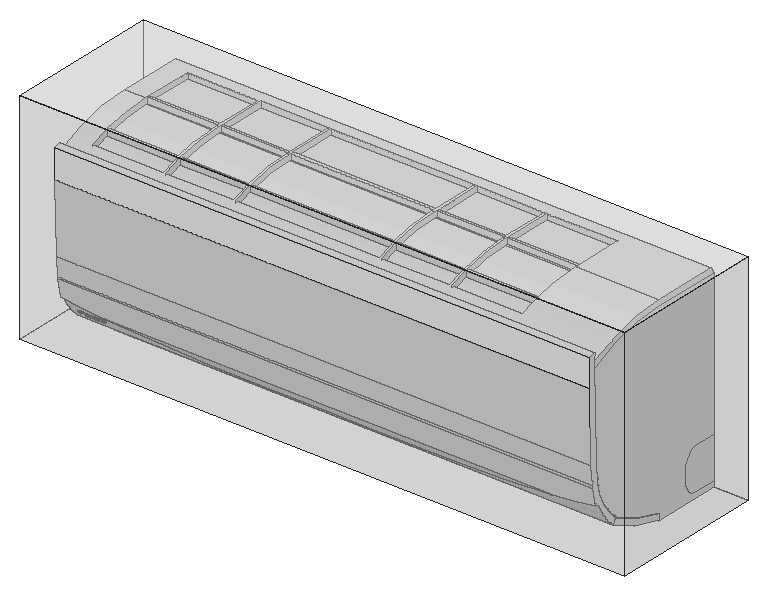
Revit family "outputfile", category 機械設備, Revit 2024
Family settings
  丸型コネクタ寸法 = 半径を使用
  パーツ タイプ = 標準
  OmniClass 番号 = 23.75.10.24.21.27.27
  OmniClass タイトル = Split System Air Conditioning Units
  作業面ベース = いいえ
  常に垂直 = はい
  ロード時にボイドで切り取り = いいえ
  注釈の向きを維持 = いいえ
  共有 = いいえ
  部屋計算ポイント = いいえ
Parameters (values of type "FTKM25QVMA")
  Description = ""
  書き出し IFC クラス(タイプ) = "IfcUnitaryEquipmentType"
  定義済み IFC タイプ(タイプ) = "AIRCONDITIONINGUNIT"
  Cost = 0
  Type Comments = ""
  Keynote = ""
  Type Image = (empty or 0)
  Assembly Code = ""
  w_wall hole = if(Width = 770.0 mm, 48.0 mm, 60.0 mm)  # 48.0 mm
  製造元 = "Daikin"
  モデル = "FTKM25QVMA"
  switch_frequency = yes
  r_Liquid Pipe Size = Liquid Pipe Size / 2  # 3.2 mm
  r_Gas Pipe Size = Gas Pipe Size / 2  # 4.75 mm
  r_Drain Pipe Size = Drain Pipe Size / 2  # 8.0 mm
  lw_powersupply [instance] = if(Width = 770.0 mm, if(or(Rear Right Connection_refrigerant, Bottom Right Connection_refrigerant), 25.0 mm, if(or(Rear Left Connection_refrigerant, Bottom Left Connection_refrigerant), 745.0 mm, 400.0 mm)), if(Width = 990.0 mm, if(or(Rear Right Connection_refrigerant, Bottom Right Connection_refrigerant), 40.0 mm, if(or(Rear Left Connection_refrigerant, Bottom Left Connection_refrigerant), 920.0 mm, 400.0 mm)), if(or(Rear Right Connection_refrigerant, Bottom Right Connection_refrigerant), 40.0 mm, if(or(Rear Left Connection_refrigerant, Bottom Left Connection_refrigerant), 920.0 mm, 400.0 mm))))  # 400.0 mm
  lw_liquidpipe [instance] = if(Width = 770.0 mm, if(or(Rear Right Connection_refrigerant, Bottom Right Connection_refrigerant), 0.0 mm, if(or(Rear Left Connection_refrigerant, Bottom Left Connection_refrigerant), 664.0 mm, 385.0 mm)), if(Width = 900.0 mm, if(or(Rear Right Connection_refrigerant, Bottom Right Connection_refrigerant), 0.0 mm, if(or(Rear Left Connection_refrigerant, Bottom Left Connection_refrigerant), 664.0 mm + (990.0 mm - 770.0 mm), 475.0 mm)), if(or(Rear Right Connection_refrigerant, Bottom Right Connection_refrigerant), 0.0 mm, if(or(Rear Left Connection_refrigerant, Bottom Left Connection_refrigerant), 664.0 mm + (990.0 mm - 770.0 mm), 475.0 mm))))  # 385.0 mm
  lw_gaspipe [instance] = if(Width = 770.0 mm, if(or(Rear Right Connection_refrigerant, Bottom Right Connection_refrigerant), 0.0 mm, if(or(Rear Left Connection_refrigerant, Bottom Left Connection_refrigerant), 675.0 mm, if(Gas Pipe Size = 12.7 mm, 345.0 mm, 335.0 mm))), if(Width = 990.0 mm, if(or(Rear Right Connection_refrigerant, Bottom Right Connection_refrigerant), 10.0 mm, if(or(Rear Left Connection_refrigerant, Bottom Left Connection_refrigerant), 890.0 mm, if(Gas Pipe Size = 15.9 mm, 410.0 mm, 400.0 mm))), if(or(Rear Right Connection_refrigerant, Bottom Right Connection_refrigerant), 10.0 mm, if(or(Rear Left Connection_refrigerant, Bottom Left Connection_refrigerant), 890.0 mm, if(Gas Pipe Size = 15.9 mm, 410.0 mm, 400.0 mm)))))  # 335.0 mm
  lw_drainpipe [instance] = if(Width = 770.0 mm, if(or(Rear Right Connection_refrigerant, Bottom Right Connection_refrigerant), 0.0 mm, if(or(Rear Left Connection_refrigerant, Bottom Left Connection_refrigerant), 770.0 mm - 48.0 mm - 48.0 mm, 440.0 mm)), if(Width = 990.0 mm, if(or(Rear Right Connection_refrigerant, Bottom Right Connection_refrigerant), 0.0 mm, if(or(Rear Left Connection_refrigerant, Bottom Left Connection_refrigerant), 675.0 mm + (990.0 mm - 770.0 mm), 435.0 mm)), if(or(Rear Right Connection_refrigerant, Bottom Right Connection_refrigerant), 0.0 mm, if(or(Rear Left Connection_refrigerant, Bottom Left Connection_refrigerant), 675.0 mm + (990.0 mm - 770.0 mm), 435.0 mm))))  # 440.0 mm
  l_powersupply_length [instance] = if(Width = 770.0 mm, if(Right Connection_refrigerant, 400.0 mm, if(Left Connection_refrigerant, 770.0 mm - 400.0 mm, if(or(Rear Left Connection_refrigerant, Rear Right Connection_refrigerant), 15.0 mm, 50.0 mm))), if(Width = 990.0 mm, if(Right Connection_refrigerant, 400.0 mm, if(Left Connection_refrigerant, 990.0 mm - 400.0 mm, if(or(Rear Left Connection_refrigerant, Rear Right Connection_refrigerant), 15.0 mm, 50.0 mm))), if(Right Connection_refrigerant, 400.0 mm, if(Left Connection_refrigerant, 990.0 mm - 400.0 mm, if(or(Rear Left Connection_refrigerant, Rear Right Connection_refrigerant), 15.0 mm, 50.0 mm)))))  # 400.0 mm
  l_liquidpipe_length [instance] = if(Width = 770.0 mm, if(Right Connection_refrigerant, 433.0 mm, if(Left Connection_refrigerant, 337.0 mm, if(or(Rear Left Connection_refrigerant, Rear Right Connection_refrigerant), 30.0 mm, 40.0 mm))), if(Width = 990.0 mm, if(Right Connection_refrigerant, 535.0 mm, if(Left Connection_refrigerant, 455.0 mm, if(or(Rear Left Connection_refrigerant, Rear Right Connection_refrigerant), 30.0 mm, 40.0 mm))), if(Right Connection_refrigerant, 535.0 mm, if(Left Connection_refrigerant, 455.0 mm, if(or(Rear Left Connection_refrigerant, Rear Right Connection_refrigerant), 30.0 mm, 40.0 mm)))))  # 433.0 mm
  l_gaspipe_length [instance] = if(Width = 770.0 mm, if(Right Connection_refrigerant, if(Gas Pipe Size = 12.7 mm, 393.0 mm, 383.0 mm), if(Left Connection_refrigerant, if(Gas Pipe Size = 12.7 mm, 770.0 mm - 393.0 mm, 770.0 mm - 383.0 mm), if(or(Rear Left Connection_refrigerant, Rear Right Connection_refrigerant), 40.0 mm, 50.0 mm))), if(Width = 990.0 mm, if(Right Connection_refrigerant, if(Gas Pipe Size = 15.9 mm, 470.0 mm, 460.0 mm), if(Left Connection_refrigerant, if(Gas Pipe Size = 15.9 mm, 990.0 mm - 470.0 mm, 990.0 mm - 460.0 mm), if(or(Rear Left Connection_refrigerant, Rear Right Connection_refrigerant), 40.0 mm, 50.0 mm))), if(Right Connection_refrigerant, if(Gas Pipe Size = 15.9 mm, 470.0 mm, 460.0 mm), if(Left Connection_refrigerant, if(Gas Pipe Size = 15.9 mm, 990.0 mm - 470.0 mm, 990.0 mm - 460.0 mm), if(or(Rear Left Connection_refrigerant, Rear Right Connection_refrigerant), 40.0 mm, 50.0 mm)))))  # 383.0 mm
  l_drainpipe_length [instance] = if(Width = 770.0 mm, if(Right Connection_refrigerant, 488.0 mm, if(Left Connection_refrigerant, 282.0 mm, if(or(Rear Left Connection_refrigerant, Rear Right Connection_refrigerant), 15.0 mm, 20.0 mm))), if(Width = 990.0 mm, if(Right Connection_refrigerant, 495.0 mm, if(Left Connection_refrigerant, 495.0 mm, if(or(Rear Left Connection_refrigerant, Rear Right Connection_refrigerant), 15.0 mm, 20.0 mm))), if(Right Connection_refrigerant, 495.0 mm, if(Left Connection_refrigerant, 495.0 mm, if(or(Rear Left Connection_refrigerant, Rear Right Connection_refrigerant), 15.0 mm, 20.0 mm)))))  # 488.0 mm
  h*** = 0.0 mm  # constant formula
  connector_voltage = Voltage_50Hz  # 230 V
  connector_powerinput = [Power Input (Cooling)]  # 0.000 kW
  connector_phase = Phase_50Hz  # 1
  angle_vertical [instance] = if(or(Bottom Left Connection_refrigerant, Bottom Right Connection_refrigerant), 0.00°, 90.00°)  # 90.00°
  angle_horizontal [instance] = if(Right Connection_refrigerant, 90.00°, if(Left Connection_refrigerant, -90.00°, if(or(Rear Left Connection_refrigerant, Rear Right Connection_refrigerant), 180.00°, 0.00°)))  # 90.00°
  Width = 770.0 mm
  Voltage_comment_50Hz = "220 - 240"
  Voltage_50Hz = 230 V
  Version = "ver.1.0"
  Unit Type = "Wall Mounted"
  Unit Mass Weight = 9.00 kg
  Unit Designation [instance] = ""
  Uniclass2015Version = "Products v1.30"
  Uniclass2015Title = "Split coil room air conditioning units"
  Uniclass2015Code = "Pr_70_65_03_86"
  URL = ""
  Total Cooling Capacity [instance] = 0.000 kW
  Sound Pressure Level_M speed (dBA) = 32
  Sound Pressure Level_L speed (dBA) = 25
  Sound Pressure Level_H speed (dBA) = 40
  Sound Power Level_H speed (dB) = 0
  Series = "Single Split_Fan Coil Unit"
  Sensible Cooling Capacity [instance] = 0.000 kW
  Refrigerant Type = "R32"
  Power Input (Cooling) = 0.000 kW
  Phase_50Hz = 1
  Option Accessory 3 [instance] = ""
  Option Accessory 2 [instance] = ""
  Option Accessory 1 [instance] = ""
  Nominal Cooling Capacity = 2.500 kW
  Minimum Circuit Amps_50Hz = 0.0 A
  Minimum Airflow = 300.00 m³/h
  Median Airflow = 426.00 m³/h
  Maximum Fuse Amps_50Hz = 0.0 A
  Maximum Airflow = 600.00 m³/h
  Material_Casing = DAIKIN_PureWhite_Casing_indoorunit
  Load Classification = HVAC
  Liquid Pipe Size = 6.4 mm
  Link_Nested Family [instance] = ""
  IfcVersion = ""
  IfcExportType = "AIRCONDITIONINGUNIT"
  IfcExportAs = "IfcUnitaryEquipmentType"
  Height = 285.0 mm
  Heat Exchanger Type = "Cross Fin Coil"
  Gas Pipe Size = 9.5 mm
  Frequency_50Hz = 50 Hz
  Fan Type = "Cross Flow Fan"
  Fan Drive = "Direct Drive"
  FCU Tag No. [instance] = ""
  Drain Pipe Size = 16.0 mm
  Design Supply Airflow [instance] = 0.00 m³/h
  Depth = 223.0 mm
  既定の高さ = 0.0 mm
  Cooling Entering Wet Bulb Temperature [instance] = 0.00 °C
  Cooling Entering Dry Bulb Temperature [instance] = 0.00 °C
  Cooling Ambient Wet Bulb Temperature [instance] = 0.00 °C
  Cooling Ambient Dry Bulb Temperature [instance] = 0.00 °C
  Clearance visibility [instance] = yes
  Clearance Top = 30.0 mm
  Clearance Right = 50.0 mm
  Clearance Rear = 0.0 mm
  Clearance Left = 50.0 mm
  Clearance Front = 0.0 mm
  Clearance Bottom = 0.0 mm
  Bottom Right Connection_refrigerant [instance] = no
  Bottom Left Connection_refrigerant [instance] = no
  Rear Right Connection_refrigerant [instance] = no
  Rear Left Connection_refrigerant [instance] = no
  Right Connection_refrigerant [instance] = yes
  Left Connection_refrigerant [instance] = no
Reference planes
  plane 1 "Back": y = 0
  plane 2: z = 0
  plane 3 "Center (Left/Right)": x = 0
  plane 4 "Center (Front/Back)": y = -111.5
  plane 5 "Front": y = -223
  plane 6 "Left": x = -385
  plane 7 "Right": x = 385
  plane 8 "Top": z = 0
  plane 9 "Bottom": z = -285
  plane 10: x = -435
  plane 11: x = 435
  plane 12: y = 0
  plane 13: y = -223
  plane 14: z = 30
  plane 15: z = -285
  plane 16 "lw_Piping and Wiring intake": x = 337
  plane 17 "lw_gaspipe": x = 2
  plane 18 "lw_liquidpipe": x = -48
  plane 19 "lw_drainpipe": x = -103
  plane 20 "lh_drainpipe": z = -265
  plane 21 "lh_liquidpipe": z = -245
  plane 22 "lh_gaspipe": z = -235
  plane 23 "ld_drainpipe": y = -15
  plane 24 "ld_liquidpipe": y = -30
  plane 25 "ld_gaspipe": y = -40
  plane 26 "lw_powersupply": x = -15
Dimensions and locks
  equal spacing: plane 6 "Left", plane 3 "Center (Left/Right)", plane 7 "Right"
  "Width": plane 6 "Left" to plane 7 "Right"
  equal spacing: plane 5 "Front", plane 4 "Center (Front/Back)", plane 1 "Back"
  "Depth": plane 5 "Front" to plane 1 "Back"
  "Height": plane 8 "Top" to plane 9 "Bottom"
  "Clearance Rear": plane 12 to plane 1 "Back"
  "Clearance Front": plane 13 to plane 5 "Front"
  "Clearance Top": plane 14 to plane 8 "Top"
  "Clearance Bottom": plane 9 "Bottom" to plane 15
  "w_wall hole": plane 16 "lw_Piping and Wiring intake" to plane 7 "Right"
  "lw_gaspipe": plane 17 "lw_gaspipe" to plane 16 "lw_Piping and Wiring intake"
  "lw_liquidpipe": plane 18 "lw_liquidpipe" to plane 16 "lw_Piping and Wiring intake"
  "lw_drainpipe": plane 19 "lw_drainpipe" to plane 16 "lw_Piping and Wiring intake"
  locked: plane 20 "lh_drainpipe" to plane 9 "Bottom" at 20
  locked: plane 21 "lh_liquidpipe" to plane 9 "Bottom" at 40
  locked: plane 22 "lh_gaspipe" to plane 9 "Bottom" at 50
  locked: plane 23 "ld_drainpipe" to plane 1 "Back" at 15
  locked: plane 1 "Back" to plane 24 "ld_liquidpipe" at 30
  locked: plane 1 "Back" to plane 25 "ld_gaspipe" at 40
  "lw_powersupply": plane 26 "lw_powersupply" to plane 7 "Right"
  "Clearance Right": plane 7 "Right" to plane 11
  "Clearance Left": plane 10 to plane 6 "Left"
  aligned and locked: level to plane 2
  aligned and locked: plane 12 to nested 1
  aligned and locked: nested 1 to plane 13
  aligned and locked: plane 10 to nested 1
  aligned and locked: plane 11 to nested 1
  aligned and locked: plane 15 to nested 1
  aligned and locked: plane 14 to nested 1
  aligned and locked: plane 17 "lw_gaspipe" to nested 2
  aligned and locked: nested 2 to plane 25 "ld_gaspipe"
  aligned and locked: plane 18 "lw_liquidpipe" to nested 3
  aligned and locked: nested 3 to plane 24 "ld_liquidpipe"
  aligned and locked: plane 19 "lw_drainpipe" to nested 4
  aligned and locked: nested 4 to plane 23 "ld_drainpipe"
  aligned and locked: nested 5 to plane 23 "ld_drainpipe"
  aligned and locked: plane 26 "lw_powersupply" to nested 5
  aligned and locked: level to plane 8 "Top"
  aligned and locked: plane 3 "Center (Left/Right)" to nested 6
  aligned and locked: plane 1 "Back" to nested 6
  aligned and locked: plane 8 "Top" to nested 6
Nested families
  nested 1: "daikin_clearancespace" at (0, -111.5, -127.381), show <- "Clearance visibility", visible <- "Clearance visibility", Link_Nested Family <- "Link_Nested Family", type "daikin_clearancespace"
    with width 870.0 mm, show yes, height 315.0 mm, depth 223.0 mm, Link_Nested Family ""
  nested 2: "daikin_connector_rotate3" at (2, -40, -235), angle_vertical <- "angle_vertical", angle_horizontal <- "angle_horizontal", length <- "l_gaspipe_length", radius <- "r_Gas Pipe Size", type "daikin_connector_rotate3"
    with show no, radius 4.75 mm, length 383.0 mm, angle_vertical 90.00°, angle_horizontal 90.00°
  nested 3: "daikin_connector_rotate3" at (-48, -30, -245), angle_vertical <- "angle_vertical", angle_horizontal <- "angle_horizontal", radius <- "r_Liquid Pipe Size", length <- "l_liquidpipe_length", type "daikin_connector_rotate3"
    with show no, radius 3.2 mm, length 433.0 mm, angle_vertical 90.00°, angle_horizontal 90.00°
  nested 4: "daikin_connector_rotate3" at (-103, -15, -265), angle_vertical <- "angle_vertical", angle_horizontal <- "angle_horizontal", length <- "l_drainpipe_length", radius <- "r_Drain Pipe Size", type "daikin_connector_rotate3"
    with show no, radius 8.0 mm, length 488.0 mm, angle_vertical 90.00°, angle_horizontal 90.00°
  nested 5: "daikin_connector_rotate3" at (-15, -15, -235), angle_vertical <- "angle_vertical", angle_horizontal <- "angle_horizontal", length <- "l_powersupply_length", type "daikin_connector_rotate3"
    with show no, radius 10.0 mm, length 400.0 mm, angle_vertical 90.00°, angle_horizontal 90.00°
  nested 6: "DAIKIN_indoorunit_FTKM-QVMA" at (-31, 0, 0), type "FTKM-QVMA"
Connectors
  piping at (385, -40, -235), diameter 9.5, driven by "r_Gas Pipe Size"
    settings: on nested 2, index 1, connector inside diameter 609.6 mm, connector length 0.0 mm, flow factor 0, pipe flow 0.00 m³/h, pressure drop 0.0 Pa, fitting loss kfactor 0, connector angle 0.00°, fixture units 0, engagement length 0.0 mm, angle of deflection 0.00°, flow configuration 1, flow direction 2, fitting loss method 0, system type 29, joint type 0, gender type 0, connector reference index -1, connector utility 0, adjustable connector no, is connector primary yes, connector description "Refrigerant Gas Piping"
  piping at (385, -30, -245), diameter 6.4, driven by "r_Liquid Pipe Size"
    settings: on nested 3, index 2, connector inside diameter 609.6 mm, connector length 0.0 mm, flow factor 0, pipe flow 0.00 m³/h, pressure drop 0.0 Pa, fitting loss kfactor 0, connector angle 0.00°, fixture units 0, engagement length 0.0 mm, angle of deflection 0.00°, flow configuration 1, flow direction 1, fitting loss method 0, system type 29, joint type 0, gender type 0, connector reference index -1, connector utility 0, adjustable connector no, is connector primary no, connector description "Refrigerant Liquid Piping"
  piping at (385, -15, -265), diameter 16, driven by "r_Drain Pipe Size"
    settings: on nested 4, index 3, connector inside diameter 609.6 mm, connector length 0.0 mm, flow factor 0, pipe flow 0.00 m³/h, pressure drop 0.0 Pa, fitting loss kfactor 0, connector angle 0.00°, fixture units 0, engagement length 0.0 mm, angle of deflection 0.00°, flow configuration 1, flow direction 2, fitting loss method 4, system type 16, joint type 0, gender type 0, connector reference index -1, connector utility 0, adjustable connector no, is connector primary no, connector description "Condensate Drain Piping"
  electrical at (385, -15, -235), driven by "Load Classification", driven by "connector_powerinput", driven by "connector_voltage", driven by "connector_phase"
    settings: on nested 5, index 4, voltage 230 V, apparent load 0 VA, apparent load phase1 0 VA, apparent load phase2 0 VA, apparent load phase3 0 VA, power factor 1, load classification "HVAC", number of poles 1, system type 30, power factor state 1, is connector primary yes, connector utility no, sub classification motor no, connector description "Power Supply"
Definition of nested family "daikin_clearancespace"
  Parameters (values of type "daikin_clearancespace")
    Description = "daikin_clearancespace"
    width [instance] = 1823.963 mm
    show [instance] = yes
    material = none
    height [instance] = 1359.762 mm
    depth [instance] = 880.0 mm
    Default Elevation = 0.0 mm
    Link_Nested Family [instance] = ""
  Reference planes
    plane 1 "Center (Front/Back)": y = 0
    plane 2 "Center (Elevation)": z = -0.119
    plane 3 "Center (Left/Right)": x = 0
    plane 4: y = 440
    plane 5: y = -440
    plane 6 "Right": x = 911.982
    plane 7 "Left": x = -911.982
    plane 8 "Top": z = 679.762
    plane 9 "Bottom": z = -680
  Forms (mm)
    Extrusion 1, solid, material <- "material", visible <- "show"
      sketch origin (0, 0, 0) x (1, 0, 0) y (0, 1, 0)
        loop
          line (-911.982, 440) -> (-911.982, -440) -> (911.982, -440) -> (911.982, 440) -> (-911.982, 440)
      from -680 to 679.762
  Lines and regions (mm)
    symbolic lines, visible <- "show"
      curve 1: line (911.982, 440, 0) -> (-911.982, 440, 0)
      curve 2: line (-911.982, 440, 0) -> (-911.982, -440, 0)
      curve 3: line (-911.982, -440, 0) -> (911.982, -440, 0)
      curve 4: line (911.982, -440, 0) -> (911.982, 440, 0)
      curve 5: line (911.982, 0, 679.762) -> (-911.982, 0, 679.762)
      curve 6: line (911.982, 0, -680) -> (911.982, 0, 679.762)
      curve 7: line (-911.982, 0, -680) -> (911.982, 0, -680)
      curve 8: line (-911.982, 0, 679.762) -> (-911.982, 0, -680)
      curve 9: line (0, 440, 679.762) -> (0, -440, 679.762)
      curve 10: line (0, -440, 679.762) -> (0, -440, -680)
      curve 11: line (0, 440, -680) -> (0, 440, 679.762)
      curve 12: line (0, -440, -680) -> (0, 440, -680)
  Dimensions and locks
    "width": plane 7 "Left" to plane 6 "Right"
    "depth": plane 4 to plane 5
    "height": plane 8 "Top" to plane 9 "Bottom"
    equal spacing: plane 7 "Left", plane 3 "Center (Left/Right)", plane 6 "Right"
    equal spacing: plane 4, plane 1 "Center (Front/Back)", plane 5
    equal spacing: plane 8 "Top", plane 2 "Center (Elevation)", plane 9 "Bottom"
    aligned and locked: level to plane 2 "Center (Elevation)"
    aligned and locked: Extrusion 1 sketch curve to plane 4
    aligned and locked: plane 7 "Left" to Extrusion 1 sketch curve
    aligned and locked: Extrusion 1 sketch curve to plane 5
    aligned and locked: Extrusion 1 sketch curve to plane 6 "Right"
    aligned and locked: plane 8 "Top" to Extrusion 1
    aligned and locked: curve 1 to Extrusion 1
    aligned and locked: curve 2 to Extrusion 1
    aligned and locked: curve 3 to Extrusion 1
    aligned and locked: curve 4 to Extrusion 1
    aligned and locked: curve 5 to Extrusion 1
    aligned and locked: curve 6 to Extrusion 1
    aligned and locked: curve 7 to Extrusion 1
    aligned and locked: curve 8 to Extrusion 1
    aligned and locked: curve 9 to Extrusion 1
    aligned and locked: curve 10 to Extrusion 1
    aligned and locked: curve 11 to Extrusion 1
    aligned and locked: curve 12 to Extrusion 1
    aligned and locked: Extrusion 1 to plane 9 "Bottom"
Definition of nested family "DAIKIN_indoorunit_FTKM-QVMA"
  Parameters (values of type "FTKM-QVMA")
    switch_unit1_50-71 = Width = 990.0 mm  # no
    switch_unit1_20-46 = Width = 770.0 mm  # yes
    Width = 770.0 mm
    WALL HOLE-R = if(Width = 770.0 mm, 48.0 mm, 60.0 mm)  # 48.0 mm
    WALL HOLE Size = if(Width = 770.0 mm, 65.0 mm, 80.0 mm)  # 65.0 mm
    Material_Casing = none
    Height = if(Width = 770.0 mm, 285.0 mm, 295.0 mm)  # 285.0 mm
    Default Elevation = 0.0 mm
  Reference planes
    plane 1 "Center (Front/Back)": y = 0
    plane 2 "reference_level": z = 0
    plane 3 "Center (Left/Right)": x = 31
    plane 4: x = -354
    plane 5: x = 416
    plane 6: z = -285
  Forms (mm)
    Extrusion 1, solid, material <- "Material_Casing", visible <- "switch_unit1_20-46"
      sketch origin (29, 0, 0) x (0, 1, 0) y (0, 0, 1)
        loop
          line (-5, 0) -> (-98, 0)
          arc (-98, 0) -> (-157.611, -7.211) -> (-213.783, -28.427) r 250
          arc (-213.783, -28.427) -> (-213.842, -32.972) -> (-213.892, -37.516) r 2191
          arc (-213.892, -37.516) -> (-157.832, -15.495) -> (-98.07, -8) r 242
          line (-98.07, -8) -> (0, -8) -> (-5, 0)
      from -383 to 387
    Extrusion 2, solid, material <- "Material_Casing", visible <- "switch_unit1_20-46"
      sketch origin (416, 1296.25, 1200) x (0, 1, 0) y (0, 0, 1)
        loop
          line (-1472.998, -1446.91) -> (-1476.998, -1453.839)
          arc (-1476.998, -1453.839) -> (-1437.481, -1472.422) -> (-1395.25, -1483.538) r 240
          line (-1395.25, -1483.538) -> (-1395.25, -1475.422)
          arc (-1395.25, -1475.422) -> (-1435.407, -1464.663) -> (-1472.998, -1446.91) r 232
      from 0 to -47.5
    Extrusion 3, solid, material <- "Material_Casing", visible <- "switch_unit1_20-46"
      sketch origin (29, 0, 0) x (0, 1, 0) y (0, 0, 1)
        loop
          arc (-223, -60.455) -> (-222.414, -110.646) -> (-220.656, -160.81) r 2149.92
          arc (-220.656, -160.81) -> (-219.65, -174.299) -> (-217.853, -187.706) r 229.911
          arc (-217.853, -187.706) -> (-205.371, -223.594) -> (-181.517, -253.17) r 111
          line (-181.517, -253.17) -> (-177.429, -246.093)
          arc (-177.429, -246.093) -> (-198.77, -218.989) -> (-209.965, -186.36) r 103
          arc (-209.965, -186.36) -> (-211.681, -173.586) -> (-212.651, -160.735) r 221.844
          arc (-212.651, -160.735) -> (-214.739, -93.233) -> (-214.74, -25.699) r 2186.828
          arc (-214.74, -25.699) -> (-214.671, -21.467) -> (-214.594, -17.235) r 2192
          line (-214.594, -17.235) -> (-223, -19.961) -> (-223, -60.455)
      from -383 to 387
    Extrusion 4, solid, material <- "Material_Casing", visible <- "switch_unit1_20-46"
      sketch origin (29, 0, 0) x (0, 1, 0) y (0, 0, 1)
        loop
          line (-181.517, -253.17) -> (-179.597, -249.846)
          arc (-179.597, -249.846) -> (-202.009, -221.399) -> (-213.189, -186.952) r 103
          line (-213.189, -186.952) -> (-217.853, -187.706)
          arc (-217.853, -187.706) -> (-217.533, -189.556) -> (-217.182, -191.4) r 111
          arc (-217.182, -191.4) -> (-213.806, -208.181) -> (-210.362, -224.948) r 4257.809
          arc (-210.362, -224.948) -> (-198.886, -237.857) -> (-186.225, -249.607) r 180
          line (-186.225, -249.607) -> (-181.517, -253.17)
      from -383 to 387
    Extrusion 5, solid, material <- "Material_Casing", visible <- "switch_unit1_20-46"
      sketch origin (29, 0, -20) x (0, 1, 0) y (0, 0, 1)
        loop
          line (0, -265) -> (0, 12) -> (-98.07, 12)
          arc (-98.07, 12) -> (-157.832, 4.505) -> (-213.892, -17.516) r 242
          arc (-213.892, -17.516) -> (-213.638, -79.114) -> (-211.653, -140.681) r 2191
          arc (-211.653, -140.681) -> (-210.685, -153.501) -> (-208.973, -166.243) r 221
          arc (-208.973, -166.243) -> (-197.471, -199.282) -> (-175.482, -226.491) r 102
          arc (-175.482, -226.491) -> (-138.004, -244.019) -> (-98, -254.579) r 231
          line (-98, -254.579) -> (-98, -265) -> (0, -265)
      from -383 to 387
    Extrusion 6, solid, material <- "Material_Casing", visible <- "switch_unit1_20-46"
      sketch origin (-354, 1296.25, 1200) x (0, 1, 0) y (0, 0, 1)
        loop
          line (-1472.998, -1446.91) -> (-1476.998, -1453.839)
          arc (-1476.998, -1453.839) -> (-1437.481, -1472.422) -> (-1395.25, -1483.538) r 240
          line (-1395.25, -1483.538) -> (-1395.25, -1475.422)
          arc (-1395.25, -1475.422) -> (-1435.407, -1464.663) -> (-1472.998, -1446.91) r 232
      from 47 to 0
    Extrusion 7, solid, material <- "Material_Casing", visible <- "switch_unit1_20-46"
      sketch origin (416, 1296.25, 1200) x (0, 1, 0) y (0, 0, 1)
        loop
          line (-1472.998, -1446.91) -> (-1476.998, -1453.839)
          arc (-1476.998, -1453.839) -> (-1443.437, -1470.168) -> (-1407.75, -1481.097) r 240
          line (-1407.75, -1481.097) -> (-1407.75, -1472.894)
          arc (-1407.75, -1472.894) -> (-1441.363, -1462.385) -> (-1472.998, -1446.91) r 232
      from -116.993 to -48.493
    Extrusion 8, solid, material <- "Material_Casing", visible <- "switch_unit1_20-46"
      sketch origin (416, 1296.25, 1200) x (0, 1, 0) y (0, 0, 1)
        loop
          line (-1472.998, -1446.91) -> (-1476.998, -1453.839)
          arc (-1476.998, -1453.839) -> (-1443.437, -1470.168) -> (-1407.75, -1481.097) r 240
          line (-1407.75, -1481.097) -> (-1407.75, -1472.894)
          arc (-1407.75, -1472.894) -> (-1441.363, -1462.385) -> (-1472.998, -1446.91) r 232
      from -717 to -121.993
    Extrusion 9, void
      sketch origin (31, 0, -235) x (1, 0, 0) y (0, 1, 0)
        loop
          line (-252.674, -22.316) -> (-354.941, -22.316) -> (-354.941, -91.341) -> (-252.674, -91.341) -> (-252.674, -22.316)
        loop
          line (-249.341, -91.341) -> (-151.574, -91.341) -> (-151.574, -22.316) -> (-249.341, -22.316) -> (-249.341, -91.341)
        loop
          line (58.309, -22.316) -> (-148.309, -22.316) -> (-148.309, -91.341) -> (58.309, -91.341) -> (58.309, -22.316)
        loop
          line (61.689, -22.316) -> (61.689, -91.341) -> (159.457, -91.341) -> (159.457, -22.316) -> (61.689, -22.316)
        loop
          line (162.789, -22.316) -> (162.789, -91.341) -> (265.057, -91.341) -> (265.057, -22.316) -> (162.789, -22.316)
        loop
          line (-354.941, -94.659) -> (-354.941, -165.259) -> (-252.674, -165.259) -> (-252.674, -94.659) -> (-354.941, -94.659)
        loop
          line (-249.341, -94.659) -> (-249.341, -165.259) -> (-151.574, -165.259) -> (-151.574, -94.659) -> (-249.341, -94.659)
        loop
          line (-148.309, -94.659) -> (-148.309, -165.259) -> (58.309, -165.259) -> (58.309, -94.659) -> (-148.309, -94.659)
        loop
          line (61.689, -94.659) -> (61.689, -165.259) -> (159.457, -165.259) -> (159.457, -94.659) -> (61.689, -94.659)
        loop
          line (162.789, -94.659) -> (162.789, -165.259) -> (265.057, -165.259) -> (265.057, -94.659) -> (162.789, -94.659)
        loop
          line (-354.941, -167.382) -> (-354.941, -192.681) -> (-252.674, -192.681) -> (-252.674, -167.382) -> (-354.941, -167.382)
        loop
          line (-249.341, -167.382) -> (-249.341, -192.681) -> (-151.574, -192.681) -> (-151.574, -167.382) -> (-249.341, -167.382)
        loop
          line (-148.309, -167.382) -> (-148.309, -192.681) -> (58.309, -192.681) -> (58.309, -167.382) -> (-148.309, -167.382)
        loop
          line (159.457, -167.382) -> (61.689, -167.382) -> (61.689, -192.681) -> (159.457, -192.681) -> (159.457, -167.382)
        loop
          line (265.057, -167.382) -> (162.789, -167.382) -> (162.789, -192.681) -> (265.057, -192.681) -> (265.057, -167.382)
      from 201.638 to 250
    Extrusion 10, void
      sketch origin (31, 0, 0) x (1, 0, 0) y (0, 0, 1)
        loop
          arc (597, -174.907) -> (0.056, -245.263) -> (-597, -175.856) r 2585.042
          line (-597, -175.856) -> (-597, -352.872) -> (597, -352.872) -> (597, -174.907)
      from 173 to 315.3
    Extrusion 11, solid, material <- "Material_Casing"
      sketch origin (31, 0, 0) x (1, 0, 0) y (0, 0, 1)
        loop
          circle (337, -240.5) r 32.5
        loop
          circle (-337, -240.5) r 32.5
      from 0 to 5
    Extrusion 12, solid, material <- "Material_Casing", visible <- "switch_unit1_20-46"
      sketch origin (416, 1296.25, 1200) x (0, -1, 0) y (0, 0, 1)
        loop
          line (1326.25, -1417) -> (1296.25, -1417) -> (1296.25, -1477) -> (1326.25, -1477)
          arc (1326.25, -1477) -> (1340.393, -1471.142) -> (1346.25, -1457) r 20
          line (1346.25, -1457) -> (1346.25, -1437)
          arc (1346.25, -1437) -> (1340.393, -1422.858) -> (1326.25, -1417) r 20
      from 0 to 5
    Extrusion 13, solid, material <- "Material_Casing", visible <- "switch_unit1_20-46"
      sketch origin (-354, 1296.25, 1200) x (0, 1, 0) y (0, 0, 1)
        loop
          line (-1296.25, -1417) -> (-1326.25, -1417)
          arc (-1326.25, -1417) -> (-1340.393, -1422.858) -> (-1346.25, -1437) r 20
          line (-1346.25, -1437) -> (-1346.25, -1457)
          arc (-1346.25, -1457) -> (-1340.393, -1471.142) -> (-1326.25, -1477) r 20
          line (-1326.25, -1477) -> (-1296.25, -1477) -> (-1296.25, -1417)
      from 0 to 5
    Extrusion 14, solid, material <- "Material_Casing", visible <- "switch_unit1_20-46"
      sketch origin (31, 0, -285) x (-1, 0, 0) y (0, -1, 0)
        loop
          line (-314, 0) -> (-314, 30)
          arc (-314, 30) -> (-319.858, 44.142) -> (-334, 50) r 20
          line (-334, 50) -> (-354, 50)
          arc (-354, 50) -> (-368.142, 44.142) -> (-374, 30) r 20
          line (-374, 30) -> (-374, 0) -> (-314, 0)
        loop
          line (374, 0) -> (374, 30)
          arc (374, 30) -> (368.142, 44.142) -> (354, 50) r 20
          line (354, 50) -> (334, 50)
          arc (334, 50) -> (319.858, 44.142) -> (314, 30) r 20
          line (314, 30) -> (314, 0) -> (374, 0)
      from 0 to 5
    Extrusion 15, solid, material <- "Material_Casing", visible <- "switch_unit1_50-71"
      sketch origin (31, 0, 0) x (0, 1, 0) y (0, 0, 1)
        loop
          line (-5, 0) -> (-138, 0)
          arc (-138, 0) -> (-197.611, -7.211) -> (-253.783, -28.427) r 250
          arc (-253.783, -28.427) -> (-253.838, -32.687) -> (-253.886, -36.946) r 2191
          arc (-253.886, -36.946) -> (-197.73, -15.346) -> (-138.014, -8) r 246.393
          line (-138.014, -8) -> (0, -8) -> (-5, 0)
      from -495 to 495
    Extrusion 16, solid, material <- "Material_Casing", visible <- "switch_unit1_50-71"
      sketch origin (418, 1296.25, 1200) x (0, 1, 0) y (0, 0, 1)
        loop
          arc (-1515.208, -1454.149) -> (-1506.856, -1460.599) -> (-1497.925, -1466.219) r 110
          arc (-1497.925, -1466.219) -> (-1445.718, -1487.493) -> (-1389.844, -1494.995) r 223
          line (-1389.844, -1494.995) -> (-1389.844, -1486.086) -> (-1404.386, -1486.086)
          arc (-1404.386, -1486.086) -> (-1449.542, -1477.46) -> (-1491.818, -1459.402) r 214.289
          arc (-1491.818, -1459.402) -> (-1501.056, -1453.541) -> (-1509.606, -1446.715) r 101
          line (-1509.606, -1446.715) -> (-1515.208, -1454.149)
      from 108 to 57.5
    Extrusion 17, solid, material <- "Material_Casing", visible <- "switch_unit1_50-71"
      sketch origin (31, 0, 0) x (0, 1, 0) y (0, 0, 1)
        loop
          line (-263, -19.962) -> (-263, -61.6)
          arc (-263, -61.6) -> (-262.414, -110.219) -> (-260.656, -158.81) r 2017.341
          arc (-260.656, -158.81) -> (-255.648, -191.935) -> (-244.041, -223.362) r 164.725
          arc (-244.041, -223.362) -> (-233.569, -239.793) -> (-219.717, -253.495) r 87.379
          line (-219.717, -253.495) -> (-214.706, -246.846)
          arc (-214.706, -246.846) -> (-229.564, -230.029) -> (-240.385, -210.371) r 102
          arc (-240.385, -210.371) -> (-249.049, -182.962) -> (-252.848, -154.467) r 165.789
          arc (-252.848, -154.467) -> (-254.771, -90.102) -> (-254.74, -25.708) r 2122.533
          arc (-254.74, -25.708) -> (-254.671, -21.469) -> (-254.594, -17.23) r 2192
          line (-254.594, -17.23) -> (-263, -19.962)
      from -495 to 495
    Extrusion 18, void
      sketch origin (33, 0, 0) x (1, 0, 0) y (0, 1, 0)
        loop
          line (-466.909, -22.316) -> (-466.909, -111.341) -> (-366.303, -111.341) -> (-366.303, -22.316) -> (-466.909, -22.316)
        loop
          line (-362.71, -22.316) -> (-362.71, -111.341) -> (-262.103, -111.341) -> (-262.103, -22.316) -> (-362.71, -22.316)
        loop
          line (-258.51, -22.316) -> (-258.51, -111.341) -> (-157.904, -111.341) -> (-157.904, -22.316) -> (-258.51, -22.316)
        loop
          line (-154.31, -22.316) -> (-154.31, -111.341) -> (-53.704, -111.341) -> (-53.704, -22.316) -> (-154.31, -22.316)
        loop
          line (-50.11, -22.316) -> (-50.11, -111.341) -> (50.496, -111.341) -> (50.496, -22.316) -> (-50.11, -22.316)
        loop
          line (54.089, -22.316) -> (54.089, -111.341) -> (154.696, -111.341) -> (154.696, -22.316) -> (54.089, -22.316)
        loop
          line (158.289, -22.316) -> (158.289, -111.341) -> (258.895, -111.341) -> (258.895, -22.316) -> (158.289, -22.316)
        loop
          line (262.489, -22.316) -> (262.489, -111.341) -> (363.095, -111.341) -> (363.095, -22.316) -> (262.489, -22.316)
        loop
          line (-466.909, -114.459) -> (-466.909, -185.059) -> (-366.303, -185.059) -> (-366.303, -114.459) -> (-466.909, -114.459)
        loop
          line (-362.71, -114.459) -> (-362.71, -185.059) -> (-262.103, -185.059) -> (-262.103, -114.459) -> (-362.71, -114.459)
        loop
          line (-258.51, -114.459) -> (-258.51, -185.059) -> (-157.904, -185.059) -> (-157.904, -114.459) -> (-258.51, -114.459)
        loop
          line (-154.31, -114.459) -> (-154.31, -185.059) -> (-53.704, -185.059) -> (-53.704, -114.459) -> (-154.31, -114.459)
        loop
          line (-50.11, -114.459) -> (-50.11, -185.059) -> (50.496, -185.059) -> (50.496, -114.459) -> (-50.11, -114.459)
        loop
          line (54.089, -114.459) -> (54.089, -185.059) -> (154.696, -185.059) -> (154.696, -114.459) -> (54.089, -114.459)
        loop
          line (158.289, -114.459) -> (158.289, -185.059) -> (258.895, -185.059) -> (258.895, -114.459) -> (158.289, -114.459)
        loop
          line (262.489, -114.459) -> (262.489, -185.059) -> (363.095, -185.059) -> (363.095, -114.459) -> (262.489, -114.459)
        loop
          line (-466.909, -187.382) -> (-466.909, -232.681) -> (-366.303, -232.681) -> (-366.303, -187.382) -> (-466.909, -187.382)
        loop
          line (-362.71, -187.382) -> (-362.71, -232.681) -> (-262.103, -232.681) -> (-262.103, -187.382) -> (-362.71, -187.382)
        loop
          line (-258.51, -187.382) -> (-258.51, -232.681) -> (-157.904, -232.681) -> (-157.904, -187.382) -> (-258.51, -187.382)
        loop
          line (-154.31, -187.382) -> (-154.31, -232.681) -> (-53.704, -232.681) -> (-53.704, -187.382) -> (-154.31, -187.382)
        loop
          line (-50.11, -187.382) -> (-50.11, -232.681) -> (50.496, -232.681) -> (50.496, -187.382) -> (-50.11, -187.382)
        loop
          line (54.089, -187.382) -> (54.089, -232.681) -> (154.696, -232.681) -> (154.696, -187.382) -> (54.089, -187.382)
        loop
          line (158.289, -187.382) -> (158.289, -232.681) -> (258.895, -232.681) -> (258.895, -187.382) -> (158.289, -187.382)
        loop
          line (262.489, -187.382) -> (262.489, -232.681) -> (363.095, -232.681) -> (363.095, -187.382) -> (262.489, -187.382)
      from -40.013 to 47.268
    Extrusion 19, void
      sketch origin (33, 0, 2300) x (1, 0, 0) y (0, 0, 1)
        loop
          line (705, -2672.872) -> (705, -2462.4)
          arc (705, -2462.4) -> (-2.043, -2534.819) -> (-709, -2461.567) r 3467.757
          line (-709, -2461.567) -> (-709, -2672.872) -> (705, -2672.872)
      from 173 to 315.3
    Extrusion 20, solid, material <- "Material_Casing", visible <- "switch_unit1_50-71"
      sketch origin (-356, 1296.25, 1200) x (0, 1, 0) y (0, 0, -1)
        loop
          line (-1515.208, 1454.149) -> (-1509.606, 1446.715)
          arc (-1509.606, 1446.715) -> (-1501.056, 1453.541) -> (-1491.818, 1459.402) r 101
          arc (-1491.818, 1459.402) -> (-1449.542, 1477.46) -> (-1404.386, 1486.086) r 214.289
          line (-1404.386, 1486.086) -> (-1389.844, 1486.086) -> (-1389.844, 1494.995)
          arc (-1389.844, 1494.995) -> (-1445.718, 1487.493) -> (-1497.925, 1466.219) r 223
          arc (-1497.925, 1466.219) -> (-1506.856, 1460.599) -> (-1515.208, 1454.149) r 110
      from 108 to 61
    Extrusion 21, solid, material <- "Material_Casing", visible <- "switch_unit1_50-71"
      sketch origin (418, 1296.25, 1200) x (0, 1, 0) y (0, 0, 1)
        loop
          arc (-1515.208, -1454.149) -> (-1506.856, -1460.599) -> (-1497.925, -1466.219) r 110
          arc (-1497.925, -1466.219) -> (-1463.185, -1482.066) -> (-1426.25, -1491.755) r 223
          line (-1426.25, -1491.755) -> (-1426.25, -1483.166)
          arc (-1426.25, -1483.166) -> (-1460.008, -1473.969) -> (-1491.818, -1459.402) r 214.289
          arc (-1491.818, -1459.402) -> (-1501.056, -1453.541) -> (-1509.606, -1446.715) r 101
          line (-1509.606, -1446.715) -> (-1515.208, -1454.149)
      from 56.5 to -36.993
    Extrusion 22, solid, material <- "Material_Casing", visible <- "switch_unit1_50-71"
      sketch origin (418, 1296.25, 1200) x (0, 1, 0) y (0, 0, 1)
        loop
          arc (-1426.25, -1483.166) -> (-1443.442, -1479.224) -> (-1460.25, -1473.881) r 214.289
          line (-1460.25, -1473.881) -> (-1460.25, -1483.089)
          arc (-1460.25, -1483.089) -> (-1443.421, -1488.091) -> (-1426.25, -1491.755) r 223
          line (-1426.25, -1491.755) -> (-1426.25, -1483.166)
      from -43.493 to -828.893
    Extrusion 23, solid, material <- "Material_Casing", visible <- "switch_unit1_50-71"
      sketch origin (418, 1296.25, 1200) x (0, 1, 0) y (0, 0, 1)
        loop
          arc (-1515.208, -1454.149) -> (-1506.856, -1460.599) -> (-1497.925, -1466.219) r 110
          arc (-1497.925, -1466.219) -> (-1479.479, -1475.527) -> (-1460.25, -1483.089) r 223
          line (-1460.25, -1483.089) -> (-1460.25, -1473.881)
          arc (-1460.25, -1473.881) -> (-1476.328, -1467.282) -> (-1491.818, -1459.402) r 214.289
          arc (-1491.818, -1459.402) -> (-1501.056, -1453.541) -> (-1509.606, -1446.715) r 101
          line (-1509.606, -1446.715) -> (-1515.208, -1454.149)
      from -43.493 to -828.893
    Extrusion 24, solid, material <- "Material_Casing", visible <- "switch_unit1_50-71"
      sketch origin (31, 0, 0) x (0, 1, 0) y (0, 0, 1)
        loop
          arc (-217.78, -250.924) -> (-234.088, -233.307) -> (-245.826, -212.366) r 102
          arc (-245.826, -212.366) -> (-251.608, -196.062) -> (-255.659, -179.245) r 165.789
          line (-255.659, -179.245) -> (-258.299, -179.737)
          arc (-258.299, -179.737) -> (-257.524, -183.799) -> (-256.646, -187.84) r 164.725
          arc (-256.646, -187.84) -> (-252.868, -206.25) -> (-249.973, -224.82) r 393.089
          arc (-249.973, -224.82) -> (-239.237, -236.969) -> (-227.451, -248.102) r 180
          arc (-227.451, -248.102) -> (-223.723, -250.998) -> (-219.717, -253.495) r 45.878
          line (-219.717, -253.495) -> (-217.78, -250.924)
      from -495 to 495
    Extrusion 25, solid, material <- "Material_Casing", visible <- "switch_unit1_50-71"
      sketch origin (31, 0, -30) x (0, 1, 0) y (0, 0, 1)
        loop
          line (0, 22) -> (-138.014, 22)
          arc (-138.014, 22) -> (-197.73, 14.654) -> (-253.886, -6.946) r 246.393
          arc (-253.886, -6.946) -> (-253.682, -65.635) -> (-251.855, -124.295) r 2120.935
          arc (-251.855, -124.295) -> (-248.086, -152.682) -> (-239.461, -179.988) r 164.789
          arc (-239.461, -179.988) -> (-228.903, -199.231) -> (-214.437, -215.738) r 101
          line (-214.437, -215.738) -> (-212.406, -216.221)
          arc (-212.406, -216.221) -> (-204.07, -222.837) -> (-195.079, -228.53) r 100
          arc (-195.079, -228.53) -> (-145.557, -248.629) -> (-92.593, -255.785) r 213.289
          line (-92.593, -255.785) -> (-92.593, -265) -> (0, -265) -> (0, 22)
      from -495 to 495
    Extrusion 26, solid, material <- "Material_Casing", visible <- "switch_unit1_50-71"
      sketch origin (526, 1296.25, 1200) x (0, -1, 0) y (0, 0, 1)
        loop
          line (1326.25, -1427.035) -> (1296.25, -1427.035) -> (1296.25, -1487.035) -> (1326.25, -1487.035)
          arc (1326.25, -1487.035) -> (1340.393, -1481.177) -> (1346.25, -1467.035) r 20
          line (1346.25, -1467.035) -> (1346.25, -1447.035)
          arc (1346.25, -1447.035) -> (1340.393, -1432.892) -> (1326.25, -1427.035) r 20
      from 0 to 5
    Extrusion 27, solid, material <- "Material_Casing", visible <- "switch_unit1_50-71"
      sketch origin (-459, 1296.25, 1200) x (0, -1, 0) y (0, 0, 1)
        loop
          line (1326.25, -1427.035) -> (1296.25, -1427.035) -> (1296.25, -1487.035) -> (1326.25, -1487.035)
          arc (1326.25, -1487.035) -> (1340.393, -1481.177) -> (1346.25, -1467.035) r 20
          line (1346.25, -1467.035) -> (1346.25, -1447.035)
          arc (1346.25, -1447.035) -> (1340.393, -1432.892) -> (1326.25, -1427.035) r 20
      from 0 to 5
    Extrusion 28, solid, material <- "Material_Casing", visible <- "switch_unit1_50-71"
      sketch origin (31, 200, -295) x (-1, 0, 0) y (0, -1, 0)
        loop
          line (469, 200) -> (469, 230)
          arc (469, 230) -> (463.142, 244.142) -> (449, 250) r 20
          line (449, 250) -> (429, 250)
          arc (429, 250) -> (414.858, 244.142) -> (409, 230) r 20
          line (409, 230) -> (409, 200) -> (469, 200)
        loop
          line (-469, 200) -> (-409, 200) -> (-409, 230)
          arc (-409, 230) -> (-414.858, 244.142) -> (-429, 250) r 20
          line (-429, 250) -> (-449, 250)
          arc (-449, 250) -> (-463.142, 244.142) -> (-469, 230) r 20
          line (-469, 230) -> (-469, 200)
      from 0 to 5
  Cuts and joins
    Extrusion 9 cuts Extrusion 1
    Extrusion 10 cuts Extrusion 4
    joined: Extrusion 3, Extrusion 4
    Extrusion 18 cuts Extrusion 15
    Extrusion 19 cuts Extrusion 24
    joined: Extrusion 17, Extrusion 24
  Lines and regions (mm)
    reference lines
      curve 1: line (-523, -201.911, -229.404) -> (-523, -193.542, -239.977)
      curve 2: line (-523, -240.779, -229.404) -> (-523, -232.411, -239.977)
  Dimensions and locks
    locked: Extrusion 10 sketch curve to Extrusion 10 sketch curve at 1194
    Extrusion 10 sketch curve to Extrusion 10 sketch curve = 1194.0 mm
    locked: Extrusion 12 sketch curve to Extrusion 12 sketch curve at 60
    locked: Extrusion 12 sketch curve to Extrusion 12 sketch curve at 50
    locked: Extrusion 14 sketch curve to Extrusion 14 sketch curve at 60  (x2)
    locked: Extrusion 14 sketch curve to Extrusion 14 sketch curve at 50
    equal spacing: plane 5, plane 3 "Center (Left/Right)", plane 4
    "Width": plane 5 to plane 4
    locked: Extrusion 11 sketch curve to plane 4 at 48
    "WALL HOLE-R": plane 5 to Extrusion 11 sketch curve
    "Height": plane 2 "reference_level" to plane 6
    locked: Extrusion 11 sketch curve to plane 6 at 44.5  (x2)
    locked: cut or joined group of Extrusion 3, Extrusion 4, Extrusion 10 to nested 1 at 15
    locked: Extrusion 17 to nested 2 at 15
    locked: Extrusion 26 sketch curve to Extrusion 26 sketch curve at 60
    locked: Extrusion 26 sketch curve to Extrusion 26 sketch curve at 50
    locked: Extrusion 27 sketch curve to Extrusion 27 sketch curve at 60
    locked: Extrusion 27 sketch curve to Extrusion 27 sketch curve at 50
    locked: Extrusion 28 sketch curve to Extrusion 28 sketch curve at 60  (x2)
    locked: Extrusion 28 sketch curve to Extrusion 28 sketch curve at 50  (x2)
    "WALL HOLE Size": diameter of Extrusion 11 sketch curve  (x2)
    aligned and locked: level to plane 2 "reference_level"
    aligned and locked: nested 1 to curve 1
    aligned and locked: Extrusion 13 sketch curve to Extrusion 12  (x4)
    aligned and locked: Extrusion 14 sketch curve to Extrusion 14 sketch curve  (x2)
    aligned and locked: Extrusion 11 to plane 1 "Center (Front/Back)"
    aligned and locked: nested 2 to curve 2
  Automatic sketch dimensions
    Extrusion 10 sketch curve to plane 3 "Center (Left/Right)" = 597.0 mm
    Extrusion 10 sketch curve to plane 3 "Center (Left/Right)" = 2.0 mm
    Extrusion 10 sketch curve to level = 352.872 mm
    Extrusion 10 sketch curve to level = 175.856 mm
    Extrusion 10 sketch curve to level = 174.907 mm
    curve 1 to level = 239.977 mm
    plane 1 "Center (Front/Back)" to curve 1 = 193.542 mm
    curve 2 to curve 1 = 0.0 mm
    curve 2 to curve 2 = 10.573 mm
    curve 1 to curve 1 = 10.573 mm
    curve 1 to curve 1 = 8.368 mm
    curve 1 to curve 2 = 30.5 mm
    curve 2 to curve 2 = 8.368 mm
    Extrusion 19 sketch curve to plane 3 "Center (Left/Right)" = 707.0 mm
    plane 3 "Center (Left/Right)" to Extrusion 19 sketch curve = 2.0 mm
    plane 3 "Center (Left/Right)" to Extrusion 19 sketch curve = 707.0 mm
    Extrusion 19 sketch curve to level = 372.872 mm
    Extrusion 19 sketch curve to level = 162.4 mm
    Extrusion 19 sketch curve to level = 161.567 mm
    Extrusion 1 sketch curve to level = 0.0 mm
    Extrusion 1 sketch curve to plane 1 "Center (Front/Back)" = 0.0 mm
    plane 1 "Center (Front/Back)" to Extrusion 1 sketch curve = 5.0 mm
    plane 1 "Center (Front/Back)" to Extrusion 1 sketch curve = 98.0 mm
    Extrusion 1 sketch curve to Extrusion 1 sketch curve = 0.07 mm
    Extrusion 1 sketch curve to level = 59.292 mm
    Extrusion 1 sketch curve to plane 1 "Center (Front/Back)" = 1977.0 mm
    Extrusion 1 sketch curve to level = 250.0 mm
    Extrusion 1 sketch curve to Extrusion 1 sketch curve = 0.0 mm
    Extrusion 1 sketch curve to level = 8.0 mm
    Extrusion 1 sketch curve to level = 28.427 mm
    plane 1 "Center (Front/Back)" to Extrusion 2 sketch curve = 180.748 mm
    Extrusion 2 sketch curve to Extrusion 2 sketch curve = 4.0 mm
    Extrusion 2 sketch curve to Extrusion 2 sketch curve = 77.747 mm
    plane 1 "Center (Front/Back)" to Extrusion 2 sketch curve = 59.279 mm
    Extrusion 2 sketch curve to Extrusion 2 sketch curve = 0.0 mm
    Extrusion 2 sketch curve to level = 283.538 mm
    Extrusion 2 sketch curve to Extrusion 2 sketch curve = 8.116 mm
    Extrusion 2 sketch curve to Extrusion 2 sketch curve = 21.583 mm
    Extrusion 2 sketch curve to Extrusion 2 sketch curve = 6.929 mm
    Extrusion 3 sketch curve to level = 19.961 mm
    plane 1 "Center (Front/Back)" to Extrusion 3 sketch curve = 223.0 mm
    Extrusion 3 sketch curve to level = 17.235 mm
    Extrusion 3 sketch curve to Extrusion 3 sketch curve = 8.406 mm
    plane 1 "Center (Front/Back)" to Extrusion 3 sketch curve = 181.517 mm
    Extrusion 3 sketch curve to Extrusion 3 sketch curve = 4.087 mm
    Extrusion 3 sketch curve to Extrusion 3 sketch curve = 69.11 mm
    Extrusion 3 sketch curve to Extrusion 3 sketch curve = 0.001 mm
    Extrusion 3 sketch curve to plane 1 "Center (Front/Back)" = 8.955 mm
    Extrusion 3 sketch curve to Extrusion 3 sketch curve = 0.067 mm
    Extrusion 3 sketch curve to level = 60.455 mm
    Extrusion 3 sketch curve to Extrusion 3 sketch curve = 1917.898 mm
    Extrusion 3 sketch curve to Extrusion 3 sketch curve = 44.907 mm
    Extrusion 3 sketch curve to Extrusion 3 sketch curve = 5.172 mm
    Extrusion 3 sketch curve to level = 150.456 mm
    Extrusion 3 sketch curve to Extrusion 3 sketch curve = 0.006 mm
    Extrusion 3 sketch curve to Extrusion 3 sketch curve = 19.265 mm
    Extrusion 3 sketch curve to Extrusion 3 sketch curve = 0.004 mm
    Extrusion 3 sketch curve to Extrusion 3 sketch curve = 76.368 mm
    Extrusion 3 sketch curve to Extrusion 3 sketch curve = 7.077 mm
    Extrusion 3 sketch curve to Extrusion 3 sketch curve = 1.002 mm
    Extrusion 3 sketch curve to Extrusion 3 sketch curve = 0.046 mm
    Extrusion 3 sketch curve to Extrusion 3 sketch curve = 8.005 mm
    Extrusion 3 sketch curve to Extrusion 3 sketch curve = 0.147 mm
    Extrusion 3 sketch curve to Extrusion 3 sketch curve = 0.0 mm
    plane 1 "Center (Front/Back)" to Extrusion 4 sketch curve = 217.853 mm
    Extrusion 4 sketch curve to Extrusion 4 sketch curve = 4.664 mm
    Extrusion 4 sketch curve to Extrusion 4 sketch curve = 26.964 mm
    Extrusion 4 sketch curve to Extrusion 4 sketch curve = 4.708 mm
    Extrusion 4 sketch curve to Extrusion 4 sketch curve = 1.92 mm
    Extrusion 4 sketch curve to Extrusion 4 sketch curve = 68.441 mm
    Extrusion 4 sketch curve to Extrusion 4 sketch curve = 2.837 mm
    Extrusion 4 sketch curve to Extrusion 4 sketch curve = 38.066 mm
    level to Extrusion 4 sketch curve = 640.031 mm
    Extrusion 4 sketch curve to plane 1 "Center (Front/Back)" = 3958.661 mm
    Extrusion 4 sketch curve to level = 111.946 mm
    Extrusion 4 sketch curve to Extrusion 4 sketch curve = 57.779 mm
    Extrusion 4 sketch curve to Extrusion 4 sketch curve = 3.149 mm
    Extrusion 4 sketch curve to Extrusion 4 sketch curve = 14.078 mm
    Extrusion 4 sketch curve to Extrusion 4 sketch curve = 0.754 mm
    Extrusion 4 sketch curve to Extrusion 4 sketch curve = 0.239 mm
    Extrusion 4 sketch curve to Extrusion 4 sketch curve = 3.324 mm
    Extrusion 4 sketch curve to Extrusion 4 sketch curve = 0.0 mm
    Extrusion 5 sketch curve to plane 1 "Center (Front/Back)" = 0.0 mm
    plane 1 "Center (Front/Back)" to Extrusion 5 sketch curve = 59.278 mm
    Extrusion 5 sketch curve to Extrusion 5 sketch curve = 98.0 mm
    Extrusion 5 sketch curve to Extrusion 5 sketch curve = 0.0 mm  (x3)
    Extrusion 5 sketch curve to level = 8.0 mm
    Extrusion 5 sketch curve to Extrusion 5 sketch curve = 38.791 mm
    Extrusion 5 sketch curve to Extrusion 5 sketch curve = 10.249 mm
    Extrusion 5 sketch curve to plane 1 "Center (Front/Back)" = 9.11 mm
    Extrusion 5 sketch curve to level = 59.292 mm
    Extrusion 5 sketch curve to Extrusion 5 sketch curve = 1967.89 mm
    Extrusion 5 sketch curve to Extrusion 5 sketch curve = 142.454 mm
    Extrusion 5 sketch curve to Extrusion 5 sketch curve = 19.271 mm
    Extrusion 5 sketch curve to Extrusion 5 sketch curve = 80.275 mm
    Extrusion 5 sketch curve to Extrusion 5 sketch curve = 24.579 mm
    Extrusion 5 sketch curve to Extrusion 5 sketch curve = 10.421 mm
    Extrusion 5 sketch curve to level = 46.847 mm
    Extrusion 5 sketch curve to Extrusion 5 sketch curve = 77.412 mm
    Extrusion 5 sketch curve to Extrusion 5 sketch curve = 33.49 mm
    Extrusion 5 sketch curve to Extrusion 5 sketch curve = 2.68 mm
    plane 1 "Center (Front/Back)" to Extrusion 6 sketch curve = 180.748 mm
    Extrusion 6 sketch curve to Extrusion 6 sketch curve = 4.0 mm
    Extrusion 6 sketch curve to Extrusion 6 sketch curve = 77.747 mm
    plane 1 "Center (Front/Back)" to Extrusion 6 sketch curve = 59.279 mm
    Extrusion 6 sketch curve to Extrusion 6 sketch curve = 0.0 mm
    Extrusion 6 sketch curve to level = 283.538 mm
    Extrusion 6 sketch curve to Extrusion 6 sketch curve = 8.116 mm
    Extrusion 6 sketch curve to Extrusion 6 sketch curve = 21.583 mm
    Extrusion 6 sketch curve to Extrusion 6 sketch curve = 6.929 mm
    plane 1 "Center (Front/Back)" to Extrusion 7 sketch curve = 180.748 mm
    Extrusion 7 sketch curve to Extrusion 7 sketch curve = 4.0 mm
    Extrusion 7 sketch curve to Extrusion 7 sketch curve = 65.247 mm
    plane 1 "Center (Front/Back)" to Extrusion 7 sketch curve = 59.279 mm
    Extrusion 7 sketch curve to Extrusion 7 sketch curve = 0.0 mm
    Extrusion 7 sketch curve to level = 281.097 mm
    Extrusion 7 sketch curve to Extrusion 7 sketch curve = 8.203 mm
    Extrusion 7 sketch curve to Extrusion 7 sketch curve = 19.055 mm
    Extrusion 7 sketch curve to Extrusion 7 sketch curve = 6.929 mm
    plane 1 "Center (Front/Back)" to Extrusion 8 sketch curve = 180.748 mm
    Extrusion 8 sketch curve to Extrusion 8 sketch curve = 4.0 mm
    Extrusion 8 sketch curve to Extrusion 8 sketch curve = 65.247 mm
    plane 1 "Center (Front/Back)" to Extrusion 8 sketch curve = 59.279 mm
    Extrusion 8 sketch curve to Extrusion 8 sketch curve = 0.0 mm
    Extrusion 8 sketch curve to level = 281.097 mm
    Extrusion 8 sketch curve to Extrusion 8 sketch curve = 8.203 mm
    Extrusion 8 sketch curve to Extrusion 8 sketch curve = 19.055 mm
    Extrusion 8 sketch curve to Extrusion 8 sketch curve = 6.929 mm
    plane 1 "Center (Front/Back)" to Extrusion 9 sketch curve = 165.259 mm  (x2)
    Extrusion 9 sketch curve to plane 3 "Center (Left/Right)" = 354.941 mm
    plane 1 "Center (Front/Back)" to Extrusion 9 sketch curve = 22.316 mm  (x3)
    Extrusion 9 sketch curve to Extrusion 9 sketch curve = 0.0 mm  (x26)
    Extrusion 9 sketch curve to Extrusion 9 sketch curve = 102.268 mm  (x2)
    Extrusion 9 sketch curve to Extrusion 9 sketch curve = 3.332 mm  (x4)
    Extrusion 9 sketch curve to Extrusion 9 sketch curve = 97.768 mm  (x2)
    Extrusion 9 sketch curve to Extrusion 9 sketch curve = 3.264 mm  (x3)
    plane 3 "Center (Left/Right)" to Extrusion 9 sketch curve = 58.309 mm
    Extrusion 9 sketch curve to Extrusion 9 sketch curve = 3.38 mm  (x3)
    Extrusion 9 sketch curve to Extrusion 9 sketch curve = 2.124 mm  (x6)
    Extrusion 9 sketch curve to Extrusion 9 sketch curve = 25.299 mm  (x2)
    Extrusion 9 sketch curve to Extrusion 9 sketch curve = 70.6 mm
    Extrusion 9 sketch curve to Extrusion 9 sketch curve = 3.317 mm  (x4)
    Extrusion 12 sketch curve to plane 1 "Center (Front/Back)" = 0.0 mm
    Extrusion 12 sketch curve to Extrusion 12 sketch curve = 20.0 mm  (x2)
    Extrusion 12 sketch curve to level = 277.0 mm
    plane 1 "Center (Front/Back)" to Extrusion 14 sketch curve = 0.0 mm
    plane 3 "Center (Left/Right)" to Extrusion 14 sketch curve = 374.0 mm
    Extrusion 14 sketch curve to Extrusion 14 sketch curve = 20.0 mm  (x3)
    plane 1 "Center (Front/Back)" to Extrusion 14 sketch curve = 30.0 mm
    Extrusion 14 sketch curve to plane 3 "Center (Left/Right)" = 314.0 mm
    Extrusion 15 sketch curve to level = 0.0 mm
    Extrusion 15 sketch curve to plane 1 "Center (Front/Back)" = 0.0 mm
    plane 1 "Center (Front/Back)" to Extrusion 15 sketch curve = 5.0 mm
    Extrusion 15 sketch curve to Extrusion 15 sketch curve = 133.0 mm
    Extrusion 15 sketch curve to Extrusion 15 sketch curve = 0.013 mm
    Extrusion 15 sketch curve to level = 59.292 mm
    Extrusion 15 sketch curve to plane 1 "Center (Front/Back)" = 1937.0 mm
    Extrusion 15 sketch curve to Extrusion 15 sketch curve = 250.0 mm
    Extrusion 15 sketch curve to Extrusion 15 sketch curve = 4.393 mm
    Extrusion 15 sketch curve to level = 8.0 mm
    Extrusion 15 sketch curve to level = 28.427 mm
    plane 1 "Center (Front/Back)" to Extrusion 16 sketch curve = 218.957 mm
    Extrusion 16 sketch curve to Extrusion 16 sketch curve = 5.601 mm
    Extrusion 16 sketch curve to Extrusion 16 sketch curve = 65.735 mm
    Extrusion 16 sketch curve to Extrusion 16 sketch curve = 1.462 mm
    plane 1 "Center (Front/Back)" to Extrusion 16 sketch curve = 108.136 mm
    Extrusion 16 sketch curve to Extrusion 16 sketch curve = 14.543 mm
    plane 1 "Center (Front/Back)" to Extrusion 16 sketch curve = 92.093 mm
    Extrusion 16 sketch curve to Extrusion 16 sketch curve = 1.354 mm
    Extrusion 16 sketch curve to level = 294.995 mm
    Extrusion 16 sketch curve to Extrusion 16 sketch curve = 8.909 mm
    Extrusion 16 sketch curve to Extrusion 16 sketch curve = 31.937 mm
    Extrusion 16 sketch curve to Extrusion 16 sketch curve = 7.433 mm
    Extrusion 16 sketch curve to Extrusion 16 sketch curve = 75.403 mm
    Extrusion 16 sketch curve to Extrusion 16 sketch curve = 0.896 mm
    Extrusion 16 sketch curve to level = 72.504 mm
    Extrusion 16 sketch curve to Extrusion 16 sketch curve = 0.504 mm
    Extrusion 17 sketch curve to level = 19.962 mm
    plane 1 "Center (Front/Back)" to Extrusion 17 sketch curve = 263.0 mm
    Extrusion 17 sketch curve to level = 17.23 mm
    Extrusion 17 sketch curve to Extrusion 17 sketch curve = 8.406 mm
    Extrusion 17 sketch curve to Extrusion 17 sketch curve = 43.283 mm
    Extrusion 17 sketch curve to Extrusion 17 sketch curve = 5.011 mm
    Extrusion 17 sketch curve to Extrusion 17 sketch curve = 49.129 mm
    Extrusion 17 sketch curve to Extrusion 17 sketch curve = 19.417 mm
    Extrusion 17 sketch curve to Extrusion 17 sketch curve = 50.037 mm
    Extrusion 17 sketch curve to Extrusion 17 sketch curve = 8.89 mm
    Extrusion 17 sketch curve to level = 61.6 mm
    Extrusion 17 sketch curve to plane 1 "Center (Front/Back)" = 1754.341 mm
    Extrusion 17 sketch curve to level = 58.909 mm
    Extrusion 17 sketch curve to Extrusion 17 sketch curve = 113.192 mm
    Extrusion 17 sketch curve to Extrusion 17 sketch curve = 69.467 mm
    Extrusion 17 sketch curve to level = 146.886 mm
    Extrusion 17 sketch curve to Extrusion 17 sketch curve = 3.987 mm
    Extrusion 17 sketch curve to Extrusion 17 sketch curve = 20.44 mm
    Extrusion 17 sketch curve to Extrusion 17 sketch curve = 13.597 mm
    Extrusion 17 sketch curve to Extrusion 17 sketch curve = 61.936 mm
    Extrusion 17 sketch curve to Extrusion 17 sketch curve = 6.649 mm
    Extrusion 17 sketch curve to level = 59.438 mm
    Extrusion 17 sketch curve to Extrusion 17 sketch curve = 0.0 mm
    Extrusion 17 sketch curve to Extrusion 17 sketch curve = 0.147 mm
    Extrusion 17 sketch curve to Extrusion 17 sketch curve = 7.808 mm
    plane 1 "Center (Front/Back)" to Extrusion 18 sketch curve = 22.316 mm  (x6)
    Extrusion 18 sketch curve to plane 3 "Center (Left/Right)" = 464.909 mm
    Extrusion 18 sketch curve to Extrusion 18 sketch curve = 0.0 mm  (x27)
    Extrusion 18 sketch curve to Extrusion 18 sketch curve = 100.606 mm  (x7)
    Extrusion 18 sketch curve to Extrusion 18 sketch curve = 3.594 mm  (x16)
    Extrusion 18 sketch curve to plane 3 "Center (Left/Right)" = 51.704 mm
    plane 3 "Center (Left/Right)" to Extrusion 18 sketch curve = 52.496 mm  (x2)
    Extrusion 18 sketch curve to Extrusion 18 sketch curve = 89.026 mm  (x6)
    Extrusion 18 sketch curve to Extrusion 18 sketch curve = 3.117 mm  (x8)
    Extrusion 18 sketch curve to Extrusion 18 sketch curve = 70.6 mm  (x7)
    Extrusion 18 sketch curve to Extrusion 18 sketch curve = 2.324 mm  (x8)
    Extrusion 18 sketch curve to Extrusion 18 sketch curve = 45.299 mm  (x7)
    plane 1 "Center (Front/Back)" to Extrusion 20 sketch curve = 218.957 mm
    Extrusion 20 sketch curve to Extrusion 20 sketch curve = 5.601 mm
    Extrusion 20 sketch curve to Extrusion 20 sketch curve = 65.735 mm
    Extrusion 20 sketch curve to Extrusion 20 sketch curve = 1.462 mm
    plane 1 "Center (Front/Back)" to Extrusion 20 sketch curve = 108.136 mm
    Extrusion 20 sketch curve to Extrusion 20 sketch curve = 14.543 mm
    plane 1 "Center (Front/Back)" to Extrusion 20 sketch curve = 92.093 mm
    Extrusion 20 sketch curve to Extrusion 20 sketch curve = 1.354 mm
    Extrusion 20 sketch curve to level = 72.0 mm
    Extrusion 20 sketch curve to Extrusion 20 sketch curve = 0.504 mm
    Extrusion 20 sketch curve to Extrusion 20 sketch curve = 98.416 mm
